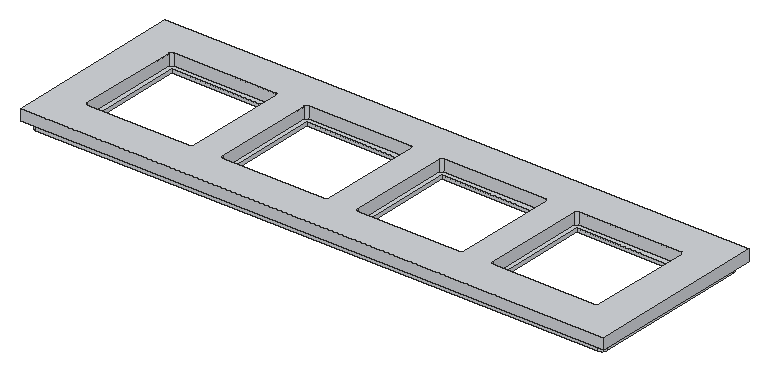
Revit family "Gira_0214219", category Electrical Fixtures, host Face, Revit 2017
Family settings
  Host = Face
  Maintain Annotation Orientation = No
  Round Connector Dimension = Use Diameter
  Part Type = Normal
  Cut with Voids When Loaded = No
  Shared = No
  Room Calculation Point = No
Parameters (values of type "Cov.fr. 4-g Gira Esprit stainl.steel")
  With mounting grid = "No"
  With hinged lid = "No"
  URL = "http://katalog.gira.de/en/datenblatt.html?artikelnr=0214219"
  Type of fastening = "Clamp mounting"
  Transparent = "No"
  Surface protection = "Other"
  Suitable for wall duct = "No"
  Suitable for flush-mounted installation = "Yes"
  Suitable for floor box = "No"
  Suitable for built-in installation = "No"
  Number of units vertical = "4"
  Number of units horizontal = "4"
  Number of units = "4"
  Name = "Cov.fr. 4-g Gira Esprit stainl.steel"
  Mounting direction = "Horizontal and vertical"
  Material quality = "Stainless steel"
  Material = "Metal"
  Manufacturer URL = "https://www.gira.de/"
  Manufacturer = "Gira"
  Label space/information surface = "No"
  Keynote = ""
  HeinzeBIM = "https://bimportal.heinze.de/bim/cov-fr-4-g-gira-esprit-stainl-steel/c07185ef7bad493d5ae60838a26e84a369d26c2a"
  Halogen free = "No"
  HAN = "0214219"
  GTIN = "4010337015796"
  Description = "Cov.fr.4g Espr. SST,Gira Esprit cover frame,Stainless steel,4-gang,Features:,- Brushed stainless steel."
  Degree of protection (IP) = "IP20"
  Default Elevation = 1219.2 mm
  Data sheet (1) = "https://katalog.gira.de/en/download.html?artikelnr=0214219"
  Colour = "Stainless steel"
  Category = "Cover frame for domestic switching devices"
  BIM (1) = "https://media.stage.bim.site/public/gira/36a6b08/Espr._Rahmen_4fach.rfa"
  Available = "No"
Reference planes
  plane 1 "Center (Front/Back)": y = 0
  plane 2: z = 0
  plane 3 "Center (Left/Right)": x = 0
Forms (mm)
  Extrusion 1, solid, detail levels fine
    sketch origin (0, 0, 0) x (1, 0, 0) y (0, 1, 0)
      loop
        line (-154, 47.5) -> (-154, -47.5) -> (154, -47.5) -> (154, 47.5) -> (-154, 47.5)
      loop
        arc (-135.25, -26.8) -> (-134.811, -27.861) -> (-133.75, -28.3) r 1.5
        line (-133.75, -28.3) -> (-80.15, -28.3)
        arc (-80.15, -28.3) -> (-79.089, -27.861) -> (-78.65, -26.8) r 1.5
        line (-78.65, -26.8) -> (-78.65, 26.8)
        arc (-78.65, 26.8) -> (-79.089, 27.861) -> (-80.15, 28.3) r 1.5
        line (-80.15, 28.3) -> (-133.75, 28.3)
        arc (-133.75, 28.3) -> (-134.811, 27.861) -> (-135.25, 26.8) r 1.5
        line (-135.25, 26.8) -> (-135.25, -26.8)
      loop
        arc (-63.95, -26.8) -> (-63.511, -27.861) -> (-62.45, -28.3) r 1.5
        line (-62.45, -28.3) -> (-8.85, -28.3)
        arc (-8.85, -28.3) -> (-7.789, -27.861) -> (-7.35, -26.8) r 1.5
        line (-7.35, -26.8) -> (-7.35, 26.8)
        arc (-7.35, 26.8) -> (-7.789, 27.861) -> (-8.85, 28.3) r 1.5
        line (-8.85, 28.3) -> (-62.45, 28.3)
        arc (-62.45, 28.3) -> (-63.511, 27.861) -> (-63.95, 26.8) r 1.5
        line (-63.95, 26.8) -> (-63.95, -26.8)
      loop
        arc (7.35, -26.8) -> (7.789, -27.861) -> (8.85, -28.3) r 1.5
        line (8.85, -28.3) -> (62.45, -28.3)
        arc (62.45, -28.3) -> (63.511, -27.861) -> (63.95, -26.8) r 1.5
        line (63.95, -26.8) -> (63.95, 26.8)
        arc (63.95, 26.8) -> (63.511, 27.861) -> (62.45, 28.3) r 1.5
        line (62.45, 28.3) -> (8.85, 28.3)
        arc (8.85, 28.3) -> (7.789, 27.861) -> (7.35, 26.8) r 1.5
        line (7.35, 26.8) -> (7.35, -26.8)
      loop
        arc (78.65, -26.8) -> (79.089, -27.861) -> (80.15, -28.3) r 1.5
        line (80.15, -28.3) -> (133.75, -28.3)
        arc (133.75, -28.3) -> (134.811, -27.861) -> (135.25, -26.8) r 1.5
        line (135.25, -26.8) -> (135.25, 26.8)
        arc (135.25, 26.8) -> (134.811, 27.861) -> (133.75, 28.3) r 1.5
        line (133.75, 28.3) -> (80.15, 28.3)
        arc (80.15, 28.3) -> (79.089, 27.861) -> (78.65, 26.8) r 1.5
        line (78.65, 26.8) -> (78.65, -26.8)
    from 0 to 6
  Extrusion 2, solid, detail levels fine
    sketch origin (0, 0, 0) x (1, 0, 0) y (0, 1, 0)
      loop
        line (-132.85, -25.7) -> (-81.05, -25.7) -> (-81.05, 25.7) -> (-132.85, 25.7) -> (-132.85, -25.7)
      loop
        line (61.55, 25.7) -> (9.75, 25.7) -> (9.75, -25.7) -> (61.55, -25.7) -> (61.55, 25.7)
      loop
        arc (-149.85, -41.4) -> (-149.323, -42.673) -> (-148.05, -43.2) r 1.8
        line (-148.05, -43.2) -> (148.05, -43.2)
        arc (148.05, -43.2) -> (149.323, -42.673) -> (149.85, -41.4) r 1.8
        line (149.85, -41.4) -> (149.85, 41.4)
        arc (149.85, 41.4) -> (149.323, 42.673) -> (148.05, 43.2) r 1.8
        line (148.05, 43.2) -> (-148.05, 43.2)
        arc (-148.05, 43.2) -> (-149.323, 42.673) -> (-149.85, 41.4) r 1.8
        line (-149.85, 41.4) -> (-149.85, -41.4)
      loop
        line (-9.75, 25.7) -> (-61.55, 25.7) -> (-61.55, -25.7) -> (-9.75, -25.7) -> (-9.75, 25.7)
      loop
        line (132.85, 25.7) -> (81.05, 25.7) -> (81.05, -25.7) -> (132.85, -25.7) -> (132.85, 25.7)
    from -1.9 to 0
  Extrusion 3, solid, detail levels fine
    sketch origin (0, 0, 0) x (1, 0, 0) y (0, 1, 0)
      loop
        arc (-148.05, 44.4) -> (-150.171, 43.521) -> (-151.05, 41.4) r 3
        line (-151.05, 41.4) -> (-151.05, -41.4)
        arc (-151.05, -41.4) -> (-150.171, -43.521) -> (-148.05, -44.4) r 3
        line (-148.05, -44.4) -> (148.05, -44.4)
        arc (148.05, -44.4) -> (150.171, -43.521) -> (151.05, -41.4) r 3
        line (151.05, -41.4) -> (151.05, 41.4)
        arc (151.05, 41.4) -> (150.171, 43.521) -> (148.05, 44.4) r 3
        line (148.05, 44.4) -> (-148.05, 44.4)
      loop
        arc (-149.85, -41.4) -> (-149.323, -42.673) -> (-148.05, -43.2) r 1.8
        line (-148.05, -43.2) -> (148.05, -43.2)
        arc (148.05, -43.2) -> (149.323, -42.673) -> (149.85, -41.4) r 1.8
        line (149.85, -41.4) -> (149.85, 41.4)
        arc (149.85, 41.4) -> (149.323, 42.673) -> (148.05, 43.2) r 1.8
        line (148.05, 43.2) -> (-148.05, 43.2)
        arc (-148.05, 43.2) -> (-149.323, 42.673) -> (-149.85, 41.4) r 1.8
        line (-149.85, 41.4) -> (-149.85, -41.4)
    from -3.7 to 0
  Extrusion 4, solid, detail levels medium
    sketch origin (0, 0, 0) x (1, 0, 0) y (0, 1, 0)
      loop
        line (-154, 47.5) -> (-154, -47.5) -> (154, -47.5) -> (154, 47.5) -> (-154, 47.5)
    from 0 to 6
  Extrusion 5, solid, detail levels medium
    sketch origin (0, 0, 0) x (1, 0, 0) y (0, 1, 0)
      loop
        line (-154, 44.4) -> (-154, -44.4) -> (154, -44.4) -> (154, 44.4) -> (-154, 44.4)
    from -3.7 to 0
  Extrusion 6, solid, detail levels coarse
    sketch origin (0, 0, 0) x (1, 0, 0) y (0, 1, 0)
      loop
        line (-154, 47.5) -> (-154, -47.5) -> (154, -47.5) -> (154, 47.5) -> (-154, 47.5)
    from -3.7 to 6
Dimensions and locks
  aligned and locked: plane 2 to host face
  aligned and locked: level to host face
